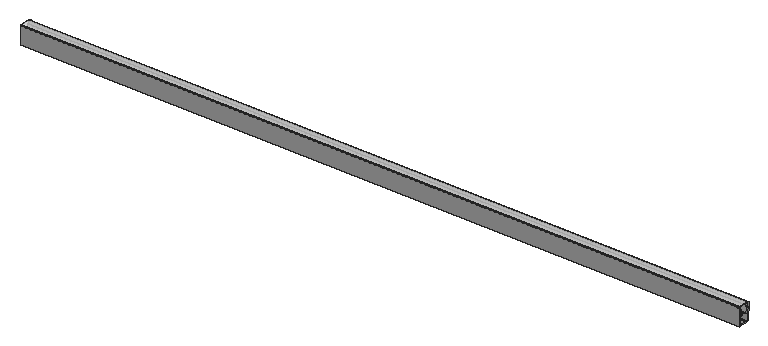
Revit family "2093119 Sylvania Lighting Fixture MC2 3-6M 4K DALI WHT OPAL Recessed", category Lighting Fixtures, host Face, Revit 2016
Family settings
  Host = Face
  Part Type = Normal
  Round Connector Dimension = Use Diameter
  OmniClass Number = 23.80.70.11.17
  OmniClass Title = Specialized Lighting by Location or Use
  Cut with Voids When Loaded = No
  Light Source = Yes
  Shared = No
  Room Calculation Point = No
Parameters (values of type "2093119 MC2 3.6M 4K DALI WHT OPAL Recessed")
  Width_SYL = 54.0 mm
  Weight = "7.5 kg"
  Wattage = 63 W
  WarrantyStartDate [instance] = "n/a"
  WarrantyGuarantorParts = "n/a"
  WarrantyDurationUnit = "n/a"
  WarrantyDurationParts = "n/a"
  WarrantyDescription = "n/a"
  built-in parameter 1150110 = 1 (stored number, unit not read)
  Voltage = 0 V
  VoidLengthRight_SYL [instance] = if(EndCapRight_SYL, Length_SYL / 2 + 2.0 mm, Length_SYL / 2)  # 1800.0 mm
  VoidLengthLeft_SYL [instance] = if(EndCapLeft_SYL, Length_SYL / 2 + 2.0 mm, Length_SYL / 2)  # 1800.0 mm
  URL = "http://www.sylvania-lighting.com"
  TypeName = "MC2 3.6M 4K DALI WHT OPAL Recessed"
  built-in parameter 1114217 = 1 (stored number, unit not read)
  Tilt Angle = -90.00°
  built-in parameter 1150109 = 1 (stored number, unit not read)
  built-in parameter 1150134 = 12
  built-in parameter 1150113 = 1 (stored number, unit not read)
  SerialNumber [instance] = "n/a"
  PowerFactor = 0.98
  PowerConsumption = "63 W"
  NominalWidth = 0.0 mm
  NominalLength = 3600.0 mm
  NominalHeight = 86.0 mm
  Name = "MC2 3.6M 4K DALI WHT OPAL Recessed"
  ModelReference = "MC2 3.6M 4K DALI WHT OPAL Recessed"
  ModelNumber = "2093119"
  Material_3_SYL = Metal_Sylvania_Mini Contiuum II_Silver
  Photometric Web File = "2093119.ies"
  Material_4_SYL = Metal_Sylvania_Mini Contiuum II_Silver
  Material = "aluminium housing, polycarbonate diffuser"
  ManufacturerName = "Feilo Sylvania"
  LuminousEfficacy = "111 lm/W"
  LuminaireType = ""
  LightOutputRatio = "100"
  Length_SYL = 3600.0 mm
  LampsType = Lamp  # "LED"
  LampNominalLuminous = "7020 lm"
  LampMacAdamStep = "3"
  LampColourTemperature = "4000 K"
  LampColourRenderingIndex = "80"
  Keynote = "16500"
  InstallationDate [instance] = "n/a"
  InputVoltage = "n/a"
  InputNominalFrequency = "n/a"
  IngressProtection = "IP20"
  ImpactProtectionIndex = "n/a"
  IfcExportType = "IfcLightFixtureType"
  IfcExportAs = "IfcLightFixtureType"
  Height_SYL = 86.0 mm
  ExpectedLife = 50000
  EndCapRight_SYL [instance] = no
  EndCapLeft_SYL [instance] = no
  Emit from Rectangle Width = Width_SYL - 2.0 mm  # 52.0 mm
  Emit from Rectangle Length = Length_SYL  # 3600.0 mm
  Emit Shape Visible in Rendering = no
  ElectricShockClassification = "Class I"
  DurationUnit = "hours"
  DocumentationLiterature = "http://www.sylvania-lighting.com/product/en-int/products/2093119"
  DimmingControlOptions = "n/a"
  CreatedOn = "10/15/2018"
  CreatedBy = "@sylvania-lighting.com"
  built-in parameter 1114216 [instance] = 1 (stored number, unit not read)
  Model = "MC2 3.6M 4K DALI WHT OPAL Recessed"
  Manufacturer = "Feilo Sylvania"
  built-in parameter 1150105 = 556.49 (stored number, unit not read)
  Lumens = 6993 lm
  built-in parameter 1150115 = 1 (stored number, unit not read)
  built-in parameter 1150137 = (empty or 0)
  built-in parameter 1150139 = (empty or 0)
  built-in parameter 1150112 = 1 (stored number, unit not read)
  built-in parameter 1150114 = 1 (stored number, unit not read)
  Lamp = "LED"
  built-in parameter 1150132 = 2
  built-in parameter 1150102 = (empty or 0)
  built-in parameter 1150107 = 4000 (stored number, unit not read)
  built-in parameter 1150138 = (empty or 0)
  built-in parameter 1150106 = 5.5649 (stored number, unit not read)
  Material_1_SYL = Metal_Sylvania_Mini Continuum II_White
  built-in parameter 1150104 = 10.312 (stored number, unit not read)
  Dimming Lamp Color Temperature Shift = <None>
  Material_2_SYL = Polycarbonate_Sylvania_Mini Continuum II_Opal_4000K
  Description = "2093119   MC2 3.6M 4K DALI WHT OPAL  Continuous lines of LED light, white RAL 9016, direct distribution, trimless detail for a seamless finish, suitable for recessed, semi-recessed, surface-mounted or suspended installation either horizontally or vertically, various accessories available, compact and minimalist design based on the Golden Mean, ideal for offices, meeting rooms, corridors, education facilities, museums and libraries, extruded aluminium body, diffuser: opal, colour temperature: 4000K neutral white, total system power: 63W, total fixture output: 6621lm, luminaire efficacy: 105lm/W, LOR: 100%, colour rendering: Ra >80, LED Chromacity: 1 step MacAdam ellipse, lifetime: 60,000 hours at 90% of the original output (L90), energy class: A++, A+, A, IR/UV free light source without heat radiation, operating voltage: 220-240V / 50-60Hz, drive current: 800mA, electronic driver, DALI dimmable, electrical protection: CLASS I, IP20, suitable for internal environment only."
  Default Elevation = 0.0 mm
  Color Filter = 16777215
  built-in parameter 1140040 [instance] = 1
  BarCode [instance] = "n/a"
  built-in parameter 1114218 = 1 (stored number, unit not read)
  built-in parameter 1150133 = 10 (stored number, unit not read)
  AssetType = "Fixed"
  AssetIdentifier [instance] = "n/a"
  Assembly Code = "D5020200"
  Apparent Load = 63 VA
Reference planes
  plane 1 "Center (Front/Back)": y = 0
  plane 2 "Bottom Fixtures": z = 0
  plane 3 "Center (Left/Right)": x = 0
  plane 4 "Fixture Left": x = -1800
  plane 5 "Fixture Right": x = 1800
  plane 6 "Fixture Bottom": z = 0
  plane 7: z = -2
  plane 8: z = -4
  plane 9: z = -13.049
  plane 10: z = -43.049
  plane 11 "Fixture Top": z = -86
  plane 12 "Mounting Right": x = 1772
  plane 13 "Mounting Left": x = -1772
  plane 14: z = -121
  plane 15: y = 27
  plane 16: y = -27
  plane 17: y = -26
  plane 18: y = -25
  plane 19: y = 26
  plane 20: y = 25
  plane 21: y = 11
  plane 22: y = -11
  plane 23: y = 24
  plane 24: y = 22
  plane 25: y = -22
  plane 26: y = 15
  plane 27: y = -15
  plane 28 "Upper Diffuser Left": x = -1650
  plane 29 "Upper Diffuser Right": x = 1650
  plane 30: x = -1802
  plane 31: x = 1802
  plane 32: x = -1800
  plane 33: x = 1800
Forms (mm)
  Extrusion 1, solid, material "Metal_Sylvania_Mini Continuum II_White" <- "Material_1_SYL", detail levels fine
    sketch origin (0, 0, 520) x (0, 1, 0) y (0, 0, 1)
      loop
        line (27, -520) -> (26, -520) -> (26, -522) -> (25, -522) -> (25, -604) -> (13, -604) -> (13, -602) -> (-13, -602) -> (-13, -604) -> (-25, -604) -> (-25, -522) -> (-26, -522) -> (-26, -520) -> (-27, -520) -> (-27, -606) -> (-11, -606) -> (-11, -604) -> (11, -604) -> (11, -606) -> (27, -606) -> (27, -520)
    from -1800 to 1800
  Extrusion 2, solid, material "Polycarbonate_Sylvania_Mini Continuum II_Opal_4000K" <- "Material_2_SYL", detail levels fine
    sketch origin (0, 0, 520) x (0, 1, 0) y (0, 0, 1)
      loop
        line (-26, -520) -> (-26, -522) -> (26, -522) -> (26, -520) -> (-26, -520)
    from -1800 to 1800
  Extrusion 3, solid, material "Metal_Sylvania_Mini Contiuum II_Silver" <- "Material_3_SYL", detail levels fine
    sketch origin (0, 0, 520) x (0, 1, 0) y (0, 0, 1)
      loop
        line (22, -533.049) -> (20.973, -533.049) -> (14.206, -562.049) -> (11, -562.049) -> (11, -563.049) -> (15, -563.049) -> (22, -533.049)
      loop
        line (-15, -563.049) -> (-11, -563.049) -> (-11, -562.049) -> (-14.206, -562.049) -> (-20.973, -533.049) -> (-22, -533.049) -> (-15, -563.049)
    from -1800 to 1800
  Extrusion 4, solid, material "Metal_Sylvania_Mini Continuum II_White" <- "Material_1_SYL", detail levels coarse+medium
    sketch origin (0, 0, 520) x (0, 1, 0) y (0, 0, 1)
      loop
        line (-27, -520) -> (-27, -606) -> (27, -606) -> (27, -520) -> (-27, -520)
    from -1800 to 1800
  Extrusion 5, solid, material "Metal_Sylvania_Mini Continuum II_White" <- "Material_1_SYL", visible <- "EndCapLeft_SYL"
    sketch origin (-1800, 171.684, 1219.2) x (0, 1, 0) y (0, 0, 1)
      loop
        line (-198.684, -1305.2) -> (-144.684, -1305.2) -> (-144.684, -1219.2) -> (-198.684, -1219.2) -> (-198.684, -1305.2)
    from 0 to -2
  Extrusion 6, solid, material "Metal_Sylvania_Mini Continuum II_White" <- "Material_1_SYL", visible <- "EndCapRight_SYL"
    sketch origin (1800, 171.684, 1219.2) x (0, 1, 0) y (0, 0, -1)
      loop
        line (-144.684, 1219.2) -> (-144.684, 1305.2) -> (-198.684, 1305.2) -> (-198.684, 1219.2) -> (-144.684, 1219.2)
    from 0 to -2
  Extrusion 7, void
    sketch origin (0, 0, 0) x (1, 0, 0) y (0, 1, 0)
      loop
        line (-1800, 27) -> (-1800, -27) -> (1800, -27) -> (1800, 27) -> (-1800, 27)
    from 0 to -86
Lines and regions (mm)
  Masking region 1
    outline origin (0, 0, -86) x (-1, 0, 0) y (0, -1, 0)
      loop
        line (1800, -27) -> (1800, 27) -> (-1800, 27) -> (-1800, -27) -> (1800, -27)
  symbolic lines, detail levels fine
    curve 1: line (-1800, 26, -86) -> (1800, 26, -86)
    curve 2: line (-1800, -26, -86) -> (1800, -26, -86)
Dimensions and locks
  host sketch curve to plane 3 "Center (Left/Right)" to host sketch curve = 820.0 mm, 775.047 mm
  equal spacing: plane 4 "Fixture Left", plane 3 "Center (Left/Right)", plane 5 "Fixture Right"
  "Length_SYL": plane 4 "Fixture Left" to plane 5 "Fixture Right"
  plane 6 "Fixture Bottom" to plane 7 to plane 8 to plane 9 to plane 10 = 2.0 mm locked, 2.0 mm locked, 9.049 mm locked, 30.0 mm locked
  locked: Extrusion 1 sketch curve to Extrusion 1 sketch curve at 2
  locked: Extrusion 1 sketch curve to plane 11 "Fixture Top" at 2
  "Height_SYL": plane 6 "Fixture Bottom" to plane 11 "Fixture Top"
  locked: plane 12 "Mounting Right" to plane 5 "Fixture Right" at 28
  locked: plane 4 "Fixture Left" to plane 13 "Mounting Left" at 28
  locked: plane 11 "Fixture Top" to plane 14 at 35
  plane 6 "Fixture Bottom" to plane 2 "Bottom Fixtures" = 0.0 mm
  equal spacing: plane 15, plane 1 "Center (Front/Back)", plane 16
  "Width_SYL": plane 15 to plane 16
  plane 22 to plane 27 to plane 25 to plane 18 to plane 17 to plane 16 = 4.0 mm locked, 7.0 mm locked, 3.0 mm locked, 1.0 mm locked, 1.0 mm locked
  plane 15 to plane 19 to plane 20 to plane 23 to plane 24 to plane 26 to plane 21 = 1.0 mm locked, 1.0 mm locked, 1.0 mm locked, 2.0 mm locked, 7.0 mm locked, 4.0 mm locked
  locked: plane 4 "Fixture Left" to plane 28 "Upper Diffuser Left" at 150
  locked: plane 29 "Upper Diffuser Right" to plane 5 "Fixture Right" at 150
  equal spacing: plane 30, plane 3 "Center (Left/Right)", plane 31
  locked: plane 30 to plane 4 "Fixture Left" at 2
  plane 3 "Center (Left/Right)" to plane 33 = 1800.0 mm
  "VoidLengthLeft_SYL": plane 32 to plane 3 "Center (Left/Right)"
  "VoidLengthRight_SYL": plane 3 "Center (Left/Right)" to plane 33
  aligned and locked: plane 2 "Bottom Fixtures" to host face
  aligned and locked: level to host face
  aligned and locked: plane 5 "Fixture Right" to curve 1
  aligned and locked: plane 4 "Fixture Left" to curve 1
  aligned and locked: plane 4 "Fixture Left" to curve 2
  aligned and locked: plane 5 "Fixture Right" to curve 2
  aligned and locked: Extrusion 1 sketch curve to plane 7
  aligned and locked: plane 6 "Fixture Bottom" to Extrusion 1 sketch curve  (x2)
  aligned and locked: plane 7 to Extrusion 1 sketch curve
  aligned and locked: Extrusion 1 to Extrusion 2 sketch curve
  aligned and locked: Extrusion 2 sketch curve to Extrusion 1  (x3)
  aligned and locked: Extrusion 3 sketch curve to plane 10
  aligned and locked: plane 9 to Extrusion 3 sketch curve
  aligned and locked: Extrusion 3 sketch curve to plane 9
  aligned and locked: Extrusion 4 sketch curve to plane 6 "Fixture Bottom"
  aligned and locked: Extrusion 4 to plane 4 "Fixture Left"
  aligned and locked: Extrusion 2 to plane 4 "Fixture Left"
  aligned and locked: Extrusion 3 to plane 4 "Fixture Left"
  aligned and locked: Extrusion 1 to plane 4 "Fixture Left"
  aligned and locked: Extrusion 4 to plane 5 "Fixture Right"
  aligned and locked: Extrusion 2 to plane 5 "Fixture Right"
  aligned and locked: Extrusion 3 to plane 5 "Fixture Right"
  aligned and locked: Extrusion 1 to plane 5 "Fixture Right"
  aligned and locked: plane 11 "Fixture Top" to Extrusion 4 sketch curve
  aligned and locked: Extrusion 1 sketch curve to plane 11 "Fixture Top"  (x2)
  aligned and locked: Extrusion 1 sketch curve to Extrusion 1 sketch curve
  aligned and locked: plane 6 "Fixture Bottom" to imposter light
  aligned and locked: plane 21 to Extrusion 3 sketch curve
  aligned and locked: plane 22 to Extrusion 3 sketch curve
  aligned and locked: Extrusion 5 sketch curve to Extrusion 4  (x4)
  aligned and locked: Extrusion 5 to plane 30
  aligned and locked: plane 4 "Fixture Left" to Extrusion 5
  aligned and locked: Extrusion 6 sketch curve to Extrusion 4  (x4)
  aligned and locked: plane 31 to Extrusion 6
  aligned and locked: plane 5 "Fixture Right" to Extrusion 6
  aligned and locked: Extrusion 7 sketch curve to Extrusion 5
  aligned and locked: Extrusion 7 sketch curve to Extrusion 6
  aligned and locked: Extrusion 7 to level
  aligned and locked: Extrusion 7 to plane 2 "Bottom Fixtures"
  aligned and locked: Extrusion 7 to plane 32
  aligned and locked: plane 33 to Extrusion 7
  aligned and locked: imposter light to plane 1 "Center (Front/Back)"
  aligned and locked: plane 3 "Center (Left/Right)" to imposter light
  aligned and locked: Extrusion 7 to Extrusion 1
Automatic sketch dimensions
  host sketch curve to host sketch curve = 1047.463 mm
  plane 19 to curve 1 = 0.0 mm
  curve 2 to plane 17 = 0.0 mm
  Masking region 1 sketch curve to plane 5 "Fixture Right" = 0.0 mm
  Masking region 1 sketch curve to plane 4 "Fixture Left" = 0.0 mm
  plane 15 to Masking region 1 sketch curve = 0.0 mm
  Masking region 1 sketch curve to plane 16 = 0.0 mm
  Extrusion 1 sketch curve to plane 16 = 0.0 mm
  Extrusion 1 sketch curve to plane 17 = 0.0 mm
  Extrusion 1 sketch curve to plane 18 = 0.0 mm
  Extrusion 1 sketch curve to plane 22 = 0.0 mm
  Extrusion 1 sketch curve to plane 21 = 0.0 mm
  Extrusion 1 sketch curve to plane 20 = 0.0 mm
  Extrusion 1 sketch curve to plane 19 = 0.0 mm
  Extrusion 1 sketch curve to plane 15 = 0.0 mm
  plane 11 "Fixture Top" to Extrusion 1 sketch curve = 2.0 mm
  Extrusion 1 sketch curve to plane 22 = 2.0 mm
  Extrusion 1 sketch curve to plane 21 = 2.0 mm
  Extrusion 3 sketch curve to plane 25 = 0.0 mm
  Extrusion 3 sketch curve to plane 27 = 0.0 mm
  Extrusion 3 sketch curve to plane 26 = 0.0 mm
  Extrusion 3 sketch curve to plane 24 = 0.0 mm
  plane 10 to Extrusion 3 sketch curve = 1.0 mm
  Extrusion 3 sketch curve to Extrusion 3 sketch curve = 1.027 mm
  plane 27 to Extrusion 3 sketch curve = 0.794 mm
  plane 26 to Extrusion 3 sketch curve = 0.794 mm
  plane 24 to Extrusion 3 sketch curve = 1.027 mm
  Extrusion 4 sketch curve to plane 16 = 0.0 mm
  Extrusion 4 sketch curve to plane 15 = 0.0 mm
  Extrusion 3 sketch curve to Extrusion 3 sketch curve = 0.0 mm
  Extrusion 3 sketch curve to plane 10 = 0.0 mm
  plane 30 to Extrusion 7 sketch curve = 2.0 mm
  Extrusion 7 sketch curve to plane 31 = 2.0 mm
Connectors
  electrical at (1800, 0, -51), driven by "Apparent Load"
    settings: on Extrusion 1, index 1, voltage 230 V, apparent load 0 VA, apparent load phase1 63 VA, apparent load phase2 0 VA, apparent load phase3 0 VA, power factor 1, load classification "Lighting", number of poles 1, system type 31, power factor state 1, is connector primary yes, connector utility no, sub classification motor no, connector description ""
